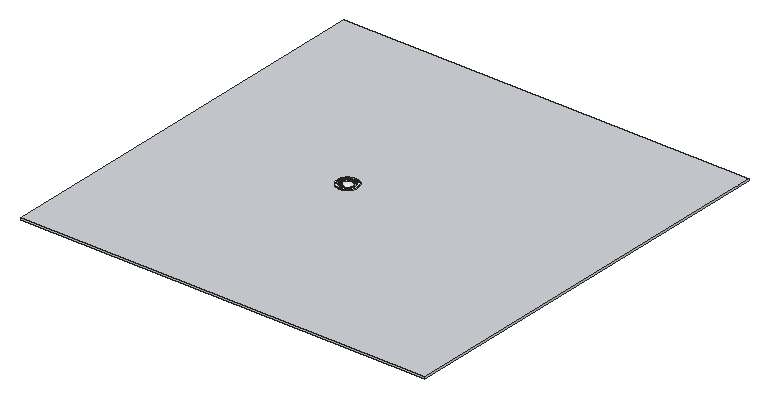
Revit family "Zumtobel CAR EVO M LED2100-930 LDO FL WH", category Lighting Fixtures, host Face, Revit 2016
Family settings
  Host = Face
  Part Type = Normal
  Round Connector Dimension = Use Diameter
  OmniClass Number = 23.80.70.11
  OmniClass Title = Luminaries for Internal Lighting
  Cut with Voids When Loaded = No
  Light Source = Yes
  Shared = No
  Room Calculation Point = No
Parameters (values of type "CAR EVO L LED7300-940 LDO FL WH")
  Width = 131 mm  # constant formula
  Wattage Comments = ""
  Wattage = 14.1374 W
  built-in parameter 1150110 = 1 (stored number, unit not read)
  Voltage = 230 V
  URL = "http://www.zumtobel.com/60817719"
  Type Comments = "© Zumtobel. We reserve the right to make technical changes without prior notice."  # constant formula
  built-in parameter 1114217 = 1 (stored number, unit not read)
  Tilt Angle = 0.00°
  built-in parameter 1150109 = 1 (stored number, unit not read)
  built-in parameter 1150134 = 12
  built-in parameter 1150113 = 1 (stored number, unit not read)
  Photometric Web File = "60817719_(STD_LEO).IES"
  Note [instance] = "Angle value ranges between 0° and 30°"  # constant formula
  built-in parameter 1150105 = 9221.5 (stored number, unit not read)
  Lumens = 2100 lm
  built-in parameter 1150115 = 1 (stored number, unit not read)
  built-in parameter 1150137 = (empty or 0)
  built-in parameter 1150139 = (empty or 0)
  Length = 131 mm  # constant formula
  built-in parameter 1150112 = 1 (stored number, unit not read)
  built-in parameter 1150114 = 1 (stored number, unit not read)
  built-in parameter 1150132 = 2
  built-in parameter 1150102 = (empty or 0)
  built-in parameter 1150107 = 4000 (stored number, unit not read)
  built-in parameter 1150138 = (empty or 0)
  built-in parameter 1150106 = 92.215 (stored number, unit not read)
  Height = 126 mm  # constant formula
  built-in parameter 1150104 = 13.8 (stored number, unit not read)
  Dimming Lamp Color Temperature Shift = <None>
  Model = "60817719"
  Manufacturer = "Zumtobel Lighting"  # constant formula
  Lamp = "LED"
  Description = "Recessed LED luminaire"  # constant formula
  Default Elevation = 0 mm
  Color Filter = 16777215
  Body = ZG_Metal_White
  built-in parameter 1114218 = 1 (stored number, unit not read)
  built-in parameter 1150133 = 10 (stored number, unit not read)
  Assembly Code = "D5020200"
  Apparent Load = 24 VA
  Angle [instance] = 0.00°
Reference planes
  plane 1 "Center (Front/Back)": y = 0
  plane 2 "Bottom": z = 0
  plane 3 "Center (Left/Right)": x = -735.5
Forms (mm)
  Extrusion 1, solid
    sketch origin (123, 0, 0) x (1, 0, 0) y (0, 1, 0)
      loop
        line (-2085.5, 1500) -> (-2085.5, -1500) -> (914.5, -1500) -> (914.5, 1500) -> (-2085.5, 1500)
    from 0 to -12.5
  Extrusion 2, void
    sketch origin (0, 0, 0) x (1, 0, 0) y (0, 1, 0)
      loop
        circle (-735.5, 0) r 72.5
    from 0 to -50
  Blend 3, void
    base sketch origin (0, 0, 0) x (1, 0, 0) y (0, 1, 0)
      loop
        arc (-735.5, 52.5) -> (-788, 0) -> (-735.5, -52.5) r 52.5
        line (-735.5, -52.5) -> (-729.25, -52.5)
        arc (-729.25, -52.5) -> (-676.75, 0) -> (-729.25, 52.5) r 52.5
        line (-729.25, 52.5) -> (-735.5, 52.5)
    top sketch origin (0, 0, 0) x (1, 0, 0) y (0, 1, 0)
      loop
        arc (-735.5, 52.5) -> (-788, 0) -> (-735.5, -52.5) r 52.5
        line (-735.5, -52.5) -> (-723.751, -52.5)
        arc (-723.751, -52.5) -> (-671.251, 0) -> (-723.751, 52.5) r 52.5
        line (-723.751, 52.5) -> (-735.5, 52.5)
    from -15 to 0
  Extrusion 4, solid, material "ZG_Metal_White" <- "Body"
    sketch origin (0, 0, 0) x (1, 0, 0) y (0, 1, 0)
      loop
        circle (-735.5, 0) r 70
    from 0 to -15
  Revolve 5, solid, material "ZG_Metal_White" <- "Body"
    sketch origin (-735.5, 0, 0) x (0, 0, -1) y (1, 0, 0)
      loop
        line (123.951, -34.55) -> (123.951, 0) -> (62.572, 0) -> (62.572, -7.5)
        arc (62.572, -7.5) -> (35.676, -30.34) -> (2.77, -43.077) r 105.919
        line (2.77, -43.077) -> (0, -43.077) -> (0, -46.178) -> (19.773, -45.456)
        arc (19.773, -45.456) -> (28.895, -44.262) -> (37.634, -41.389) r 49.166
        arc (37.634, -41.389) -> (45.542, -38.678) -> (53.784, -37.278) r 51.663
        line (53.784, -37.278) -> (58.216, -36.89)
        arc (58.216, -36.89) -> (84.991, -35.135) -> (111.817, -34.55) r 615
        line (111.817, -34.55) -> (123.951, -34.55)
      axis (0, 0) -> (123.951, 0)
    angle from 0 to 360
  Extrusion 6, solid, material "ZG_Metal_White" <- "Body"
    sketch origin (0, 0, 0) x (1, 0, 0) y (0, 1, 0)
      loop
        circle (-735.5, 0) r 75
      loop
        circle (-735.5, 0) r 60
    from 0 to 3
Cuts and joins
  Blend 3 cuts Extrusion 4
Lines and regions (mm)
  reference lines
    curve 1: line (-735.5, 0, 0) -> (-735.5, 0, -170)
    curve 2: line (-735.5, 0, 0) -> (-695.5, 0, 0)
Dimensions and locks
  "Angle": angle curve 1 to plane 3 "Center (Left/Right)"
  aligned and locked: plane 2 "Bottom" to Extrusion 1
  aligned and locked: level to Extrusion 1
  aligned and locked: imposter light to curve 1
Automatic sketch dimensions
  Extrusion 1 sketch curve to Extrusion 1 sketch curve = 3000 mm  (x2)
  plane 1 "Center (Front/Back)" to Extrusion 2 sketch curve = 0 mm
  Extrusion 2 sketch curve to plane 3 "Center (Left/Right)" = 0 mm
  plane 1 "Center (Front/Back)" to Blend 3 sketch curve = 0 mm  (x2)
  Blend 3 sketch curve to plane 3 "Center (Left/Right)" = 0 mm  (x2)
  Blend 3 sketch curve to Blend 3 sketch curve = 6.25 mm
  plane 1 "Center (Front/Back)" to Blend 3 sketch curve = 52.5 mm  (x2)
  Blend 3 sketch curve to Blend 3 sketch curve = 11.749 mm
  plane 1 "Center (Front/Back)" to Extrusion 4 sketch curve = 0 mm
  Extrusion 4 sketch curve to plane 3 "Center (Left/Right)" = 0 mm
  Revolve 5 sketch curve to curve 1 = 0 mm
  curve 1 to Revolve 5 sketch curve = 0 mm  (x2)
  Revolve 5 sketch curve to curve 1 = 46.178 mm
  Revolve 5 sketch curve to curve 1 = 43.077 mm
  Revolve 5 sketch curve to curve 1 = 18.479 mm
  curve 1 to Revolve 5 sketch curve = 2.77 mm
  Revolve 5 sketch curve to curve 1 = 3.677 mm
  curve 1 to Revolve 5 sketch curve = 17.979 mm
  Revolve 5 sketch curve to Revolve 5 sketch curve = 17.003 mm
  Revolve 5 sketch curve to Revolve 5 sketch curve = 34.01 mm
  Revolve 5 sketch curve to Revolve 5 sketch curve = 4.433 mm
  Revolve 5 sketch curve to Revolve 5 sketch curve = 4.503 mm
  curve 1 to Revolve 5 sketch curve = 7.5 mm
  Revolve 5 sketch curve to Revolve 5 sketch curve = 4.355 mm
  Revolve 5 sketch curve to curve 1 = 58.183 mm
  Revolve 5 sketch curve to Revolve 5 sketch curve = 12.134 mm
  Revolve 5 sketch curve to curve 1 = 88.744 mm
  Revolve 5 sketch curve to curve 1 = 649.55 mm
  Revolve 5 sketch curve to Revolve 5 sketch curve = 2.379 mm
  Revolve 5 sketch curve to Revolve 5 sketch curve = 4.111 mm
  Revolve 5 sketch curve to Revolve 5 sketch curve = 0.388 mm
  Revolve 5 sketch curve to Revolve 5 sketch curve = 20 mm
  Revolve 5 sketch curve to curve 1 = 11.049 mm
  curve 2 to curve 1 = 0 mm  (x2)
  curve 1 to curve 2 = 40 mm
  Extrusion 6 sketch curve to Extrusion 6 sketch curve = 0 mm  (x2)
  plane 1 "Center (Front/Back)" to Extrusion 6 sketch curve = 0 mm
  Extrusion 6 sketch curve to plane 3 "Center (Left/Right)" = 0 mm
  curve 1 to level = 0 mm
  plane 3 "Center (Left/Right)" to curve 1 = 0 mm
  radius of Extrusion 2 sketch curve = 72.5 mm
  radius of Extrusion 4 sketch curve = 70 mm
  radius of Extrusion 6 sketch curve = 75 mm
  radius of Extrusion 6 sketch curve = 60 mm
Connectors
  electrical at (-735.5, 0, -123.951), driven by "Voltage", driven by "Apparent Load"
    settings: on Revolve 5, index 1, voltage 230 V, apparent load 0 VA, apparent load phase1 24 VA, apparent load phase2 0 VA, apparent load phase3 0 VA, power factor 1, load classification "Lighting", number of poles 1, system type 31, power factor state 1, is connector primary yes, connector utility no, sub classification motor no, connector description "Power"
